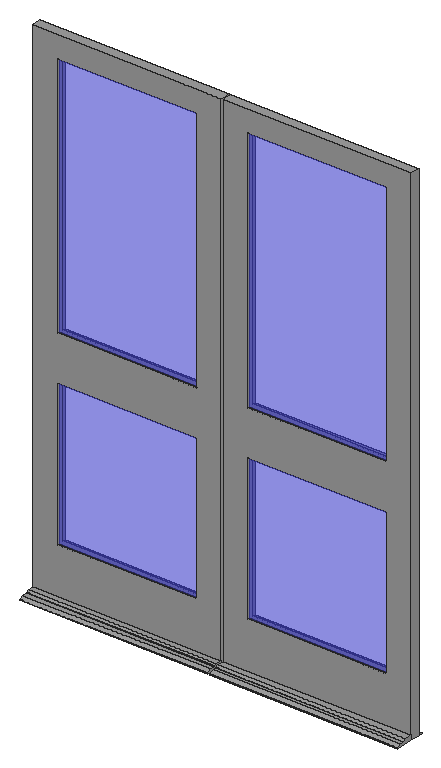
Revit family "MSD-375BM DOOR-Double-1-SF_v02", category Curtain Panels, Revit 2015
Parameters
  Width [instance] = 6' - 2"
  URL = "obe.com\r\nobe.com"
  Rough Width [instance] = 6' - 0"
  Offset [instance] = 0' - 0"
  Model = "MSD-375 DOOR"
  Min Panel Width [instance] = if(Rough Width > 5' 11 255/256", Rough Width, 6' 0")  # 6' - 0"
  Manufacturer = "Oldcastle BuildingEnvelope®"
  Keynote = "08 11 00"
  Hinge [instance] = yes
  Height [instance] = 8' - 0"
  Pushbar Height [instance] = 3' - 5 1/4"  # constant formula
  Glass Material = Glass
  Frame Material = Aluminum
  Door Panel Height [instance] = Height + 0' 0 1/2"  # 8' - 0 1/2"
  Description = "MSD-375 - 1\" Door Infill"
  Assembly Code = "B2030"
  Analytic Construction = "<None>"
  8 Muntin [instance] = not([6.5 Muntin])  # no
  6.5 Muntin [instance] = yes
Reference planes (in)
  plane 1 "Front": y = 0
  plane 2: z = 0
  plane 3 "Center (Left/Right)": x = 0
  plane 4 "Left": x = -37
  plane 5 "Right": x = 37
  plane 6 "Top": z = 96
  plane 7: x = -36
  plane 8: x = 36
Text (in)
  text "Exterior" at (-54.29358, 31.38743, 0), in view "Ref. Level"
  text "Exterior" at (480, 41.53993, 89.60405), in view "Right"
  text "Exterior" at (-240, 57.82419, 105.78864), in view "Left"
Dimensions and locks (in)
  equal spacing: plane 4 "Left", plane 3 "Center (Left/Right)", plane 5 "Right"
  "Width": plane 4 "Left" to plane 5 "Right"
  "Height": plane 6 "Top" to plane 2
  equal spacing: plane 7, plane 3 "Center (Left/Right)", plane 8
  "Min Panel Width": plane 7 to plane 8
  aligned and locked: level to plane 2
  aligned and locked: plane 3 "Center (Left/Right)" to nested 1
  aligned and locked: plane 1 "Front" to nested 1
Nested families (in)
  nested 1: "MSD-375BM DOOR-Double-1-Panel_v02" at (0, -16, 0), Frame Material <- "Frame Material", Glass Material <- "Glass Material", 8 Muntin <- "8 Muntin", Hinge <- "Hinge", 6.5 Muntin <- "6.5 Muntin", Width <- "Min Panel Width", Height <- "Door Panel Height", Offset <- "Offset", type "MSD-375 DOOR-Double-1-Panel"
    with Wing Width 3' - 0", built-in parameter 1001301 6' - 0", Pushbar Height 3' - 5 1/4", Offset 0' - 0", Hinge yes, built-in parameter 1001300 8' - 0 1/2", Glass at Muntin 0' - 6 15/16", Glass Material Glass, Frame Material Aluminum, 8 Muntin no, 6.5 Muntin yes
Definition of nested family "MSD-375BM DOOR-Double-1-Panel_v02"
  Parameters (values of type "MSD-375 DOOR-Double-1-Panel")
    Wing Width [instance] = Width / 2  # 3' - 0"
    Width [instance] = 6' - 0"
    Offset [instance] = 0' - 0"
    Hinge [instance] = yes
    Height [instance] = 8' - 0"
    Glass at Muntin [instance] = if([6.5 Muntin], 0' 6 15/16", 0' 8 7/16")  # 0' - 8 7/16"
    Pushbar Height [instance] = 3' - 5 1/4"  # constant formula
    Glass Material [instance] = none
    Frame Material [instance] = none
    Analytic Construction = "<None>"
    8 Muntin [instance] = not([6.5 Muntin])  # yes
    6.5 Muntin [instance] = no
  Reference planes (in)
    plane 1 "00": y = 15.043
    plane 2: z = 0
    plane 3 "Center (Left/Right)": x = 0
    plane 4: z = 96
    plane 5: x = -36
    plane 6: x = 36
    plane 7 "Center (Front/Back)": y = 16
    plane 8 "Exterior": y = 15.32425
    plane 9: z = 48
    plane 10: z = 8.90625
    plane 11: z = 45.46875
    plane 12: z = 37.03125
    plane 13: z = 92.281
    plane 14: z = 0
    plane 15: x = -31.84095
    plane 16: x = 31.82077
    plane 17 "Offset": y = 16
    plane 18: z = 41.25
  Forms (in)
    Sweep 1, solid, material <- "Frame Material"
      path origin (0, 15.043, 0) x (1, 0, 0) y (0, 0, 1)
        loop
          line (-35.70095, 96) -> (-0.24193, 96)
      profile origin (-17.97144, 15.043, 96) x (0, 0, 1) y (0, -1, 0)
        loop
          line (-4.5, -0.957) -> (-0.5, -0.957) -> (-0.5, 0.793) -> (-4.5, 0.793) -> (-4.5, 0.5) -> (-3.719, 0.5) -> (-3.719, -0.5) -> (-4.5, -0.5) -> (-4.5, -0.957)
    Sweep 2, solid, material <- "Frame Material"
      path origin (0, 15.043, 0) x (1, 0, 0) y (0, 0, 1)
        loop
          line (-0.24193, 0) -> (-35.69218, 0)
      profile origin (-17.96706, 15.043, 0) x (0, 0, -1) y (0, -1, 0)
        loop
          line (-0.5, -0.957) -> (-0.125, -1.707) -> (0, -1.707) -> (0, 3.918) -> (-0.125, 3.918) -> (-0.5, 3.168) -> (-0.5, 2.3005) -> (-0.562, 2.3005) -> (-0.844, 1.8115) -> (-0.844, 0.793) -> (-9.6875, 0.793) -> (-9.6875, 0.5) -> (-8.90625, 0.5) -> (-8.90625, -0.5) -> (-9.6875, -0.5) -> (-9.6875, -0.957) -> (-0.5, -0.957)
    Sweep 3, solid, material <- "Frame Material"
      path origin (0, 15.043, 0) x (1, 0, 0) y (0, 0, 1)
        loop
          line (36, 95.5) -> (36, 0)
      profile origin (36, 15.043, 47.75) x (0, -1, 0) y (1, 0, 0)
        loop
          line (-0.957, -0.21023) -> (-0.957, -4.96023) -> (-0.5, -4.96023) -> (-0.5, -4.17923) -> (0.5, -4.17923) -> (0.5, -4.96023) -> (0.793, -4.96023) -> (0.793, -0.31923) -> (-0.957, -0.21023)
    Sweep 4, solid, material <- "Frame Material"
      path origin (0, 15.043, 0) x (1, 0, 0) y (0, 0, 1)
        loop
          line (-36, 95.5) -> (-36, 0)
      profile origin (-36, 15.043, 47.75) x (0, -1, 0) y (1, 0, 0)
        loop
          line (0.793, 4.94005) -> (0.5, 4.94005) -> (0.5, 4.15905) -> (-0.5, 4.15905) -> (-0.5, 4.94005) -> (-0.957, 4.94005) -> (-0.957, 0.19005) -> (0.793, 0.29905) -> (0.793, 4.94005)
    Sweep 5, solid, material <- "Frame Material"
      path origin (0, 15.043, 0) x (1, 0, 0) y (0, 0, 1)
        loop
          line (-4.81249, 48) -> (-31.05995, 48)
      profile origin (-17.93622, 15.043, 48) x (0, 0, -1) y (0, -1, 0)
        loop
          line (1.75025, -0.5) -> (1.75025, -0.957) -> (11.75025, -0.957) -> (11.75025, -0.5) -> (10.96925, -0.5) -> (10.96925, 0.5) -> (11.75025, 0.5) -> (11.75025, 0.793) -> (1.75025, 0.793) -> (1.75025, 0.5) -> (2.53125, 0.5) -> (2.53125, -0.5) -> (1.75025, -0.5)
    Sweep 6, solid, material <- "Frame Material"
      path origin (0, 15.043, 0) x (1, 0, 0) y (0, 0, 1)
        loop
          line (0, 95.5) -> (0, 0)
      profile origin (0, 15.043, 47.75) x (0, -1, 0) y (1, 0, 0)
        loop
          line (-0.957, -4.81249) -> (-0.5, -4.81249) -> (-0.5, -4.03149) -> (0.5, -4.03149) -> (0.5, -4.81249) -> (0.793, -4.81249) -> (0.793, -0.24193)
          arc (0.793, -0.24193) -> (-0.07989, -0.06254) -> (-0.957, -0.22004) r 2.357
          line (-0.957, -0.22004) -> (-0.957, -4.81249)
        loop
          line (0.793, 4.81251) -> (0.5, 4.81251) -> (0.5, 4.03151) -> (-0.5, 4.03151) -> (-0.5, 4.81251) -> (-0.957, 4.81251) -> (-0.957, 0.22004)
          arc (-0.957, 0.22004) -> (-0.07989, 0.06254) -> (0.793, 0.24193) r 2.357
          line (0.793, 0.24193) -> (0.793, 4.81251)
    Sweep 7, solid, material <- "Frame Material"
      path origin (0, 15.043, 0) x (1, 0, 0) y (0, 0, 1)
        loop
          line (0.22004, 96) -> (35.68077, 96)
      profile origin (17.95041, 15.043, 96) x (0, 0, 1) y (0, -1, 0)
        loop
          line (-4.5, -0.957) -> (-0.5, -0.957) -> (-0.5, 0.793) -> (-4.5, 0.793) -> (-4.5, 0.5) -> (-3.719, 0.5) -> (-3.719, -0.5) -> (-4.5, -0.5) -> (-4.5, -0.957)
    Sweep 8, solid, material <- "Frame Material"
      path origin (0, 15.043, 0) x (1, 0, 0) y (0, 0, 1)
        loop
          line (31.03977, 48) -> (4.81251, 48)
      profile origin (17.92614, 15.043, 48) x (0, 0, -1) y (0, -1, 0)
        loop
          line (1.75025, 0.5) -> (2.53125, 0.5) -> (2.53125, -0.5) -> (1.75025, -0.5) -> (1.75025, -0.957) -> (11.75025, -0.957) -> (11.75025, -0.5) -> (10.96875, -0.5) -> (10.96875, 0.5) -> (11.75025, 0.5) -> (11.75025, 0.793) -> (1.75025, 0.793) -> (1.75025, 0.5)
    Sweep 9, solid, material <- "Frame Material"
      path origin (0, 15.043, 0) x (1, 0, 0) y (0, 0, 1)
        loop
          line (35.672, 0) -> (0.24193, 0)
      profile origin (17.95697, 15.043, 0) x (0, 0, -1) y (0, -1, 0)
        loop
          line (-0.5, -0.957) -> (-0.125, -1.707) -> (0, -1.707) -> (0, 3.918) -> (-0.125, 3.918) -> (-0.5, 3.168) -> (-0.5, 2.51925) -> (-0.562, 2.51925) -> (-0.844, 2.03025) -> (-0.844, 0.793) -> (-9.6875, 0.793) -> (-9.6875, 0.5) -> (-8.90625, 0.5) -> (-8.90625, -0.5) -> (-9.6875, -0.5) -> (-9.6875, -0.957) -> (-0.5, -0.957)
    Extrusion 10, solid, material <- "Glass Material", detail levels coarse
      sketch origin (0, 0, 0) x (1, 0, 0) y (0, 1, 0)
        loop
          line (31.82077, 15.543) -> (4.03151, 15.543) -> (4.03151, 14.543) -> (31.82077, 14.543) -> (31.82077, 15.543)
      from 37.03125 to 8.90625
    Extrusion 11, solid, material <- "Glass Material", detail levels medium+fine
      sketch origin (0, 0, 0) x (1, 0, 0) y (0, 1, 0)
        loop
          line (31.82077, 15.543) -> (4.03151, 15.543) -> (4.03151, 15.343) -> (31.82077, 15.343) -> (31.82077, 15.543)
        loop
          line (4.03151, 14.973) -> (4.03151, 14.773) -> (31.82077, 14.773) -> (31.82077, 14.973) -> (4.03151, 14.973)
        loop
          line (31.82077, 14.743) -> (4.03151, 14.743) -> (4.03151, 14.543) -> (31.82077, 14.543) -> (31.82077, 14.743)
      from 8.90625 to 37.03125
    Extrusion 12, solid, material <- "Glass Material", detail levels medium+fine
      sketch origin (0, 0, 0) x (1, 0, 0) y (0, 1, 0)
        loop
          line (4.03151, 15.543) -> (4.03151, 15.343) -> (31.82077, 15.343) -> (31.82077, 15.543) -> (4.03151, 15.543)
        loop
          line (31.82077, 14.973) -> (4.03151, 14.973) -> (4.03151, 14.773) -> (31.82077, 14.773) -> (31.82077, 14.973)
        loop
          line (4.03151, 14.743) -> (4.03151, 14.543) -> (31.82077, 14.543) -> (31.82077, 14.743) -> (4.03151, 14.743)
      from 45.46875 to 92.281
    Extrusion 13, solid, material <- "Glass Material", detail levels coarse
      sketch origin (0, 0, 0) x (1, 0, 0) y (0, 1, 0)
        loop
          line (4.0315, 15.543) -> (4.0315, 14.543) -> (31.82077, 14.543) -> (31.82077, 15.543) -> (4.0315, 15.543)
      from 45.46875 to 92.281
    Extrusion 14, solid, material <- "Glass Material", detail levels medium+fine
      sketch origin (0, 0, 0) x (1, 0, 0) y (0, 1, 0)
        loop
          line (-4.0315, 15.543) -> (-31.84095, 15.543) -> (-31.84095, 15.343) -> (-4.0315, 15.343) -> (-4.0315, 15.543)
        loop
          line (-31.84095, 14.973) -> (-31.84095, 14.773) -> (-4.0315, 14.773) -> (-4.0315, 14.973) -> (-31.84095, 14.973)
        loop
          line (-4.0315, 14.743) -> (-31.84095, 14.743) -> (-31.84095, 14.543) -> (-4.0315, 14.543) -> (-4.0315, 14.743)
      from 8.90625 to 37.03125
    Extrusion 15, solid, material <- "Glass Material", detail levels coarse
      sketch origin (0, 0, 0) x (1, 0, 0) y (0, 1, 0)
        loop
          line (-4.0315, 15.543) -> (-31.84095, 15.543) -> (-31.84095, 14.543) -> (-4.0315, 14.543) -> (-4.0315, 15.543)
      from 45.46875 to 92.281
    Extrusion 16, solid, material <- "Glass Material", detail levels coarse
      sketch origin (0, 0, 0) x (1, 0, 0) y (0, 1, 0)
        loop
          line (-31.84095, 15.543) -> (-31.84095, 14.543) -> (-4.03149, 14.543) -> (-4.03149, 15.543) -> (-31.84095, 15.543)
      from 8.90625 to 37.03125
    Extrusion 17, solid, material <- "Glass Material", detail levels medium+fine
      sketch origin (0, 0, 0) x (1, 0, 0) y (0, 1, 0)
        loop
          line (-4.03149, 15.543) -> (-31.84095, 15.543) -> (-31.84095, 15.343) -> (-4.03149, 15.343) -> (-4.03149, 15.543)
        loop
          line (-31.84095, 14.973) -> (-31.84095, 14.773) -> (-4.0315, 14.773) -> (-4.0315, 14.973) -> (-31.84095, 14.973)
        loop
          line (-31.84095, 14.743) -> (-31.84095, 14.543) -> (-4.0315, 14.543) -> (-4.0315, 14.743) -> (-31.84095, 14.743)
      from 45.46875 to 92.281
  Cuts and joins
    joined: Sweep 1, Sweep 2, Sweep 3, Sweep 4, Sweep 5, Sweep 6, Sweep 7, Sweep 8, Sweep 9
  Lines and regions (in)
    model lines
      curve 1: line (4.81251, 15.32425, 91.50804) -> (31.03977, 15.32425, 48)
      curve 2: line (31.03977, 15.32425, 48) -> (4.81251, 15.32425, 9.6875)
      curve 3: line (-4.81249, 15.32425, 91.53597) -> (-31.05995, 15.32425, 48)
      curve 4: line (-31.05995, 15.32425, 48) -> (-4.81249, 15.32425, 9.6875)
  Dimensions and locks (in)
    "Height": plane 4 to level
    equal spacing: plane 5, plane 3 "Center (Left/Right)", plane 6
    "Offset": plane 17 "Offset" to plane 7 "Center (Front/Back)"
    equal spacing: level, plane 9, plane 4
    locked: plane 3 "Center (Left/Right)" to Sweep 2 sketch curve at 0.24193
    locked: Sweep 3 sketch curve to plane 4 at 0.5
    locked: Sweep 4 sketch curve to plane 4 at 0.5
    locked: plane 3 "Center (Left/Right)" to Sweep 1 sketch curve at 0.24193
    locked: plane 3 "Center (Left/Right)" to Sweep 5 sketch curve at 4.81249
    locked: Sweep 7 sketch curve to plane 3 "Center (Left/Right)" at 0.22004
    locked: Sweep 8 sketch curve to plane 3 "Center (Left/Right)" at 4.81251
    locked: Sweep 9 sketch curve to plane 3 "Center (Left/Right)" at 0.24193
    locked: Sweep 6 sketch curve to plane 4 at 0.5
    equal spacing: plane 4, plane 9, plane 14
    locked: plane 4 to plane 13 at 3.719
    locked: plane 10 to plane 14 at 8.90625
    locked: plane 5 to plane 15 at 4.15905
    locked: plane 16 to plane 6 at 4.17923
    locked: Sweep 2 sketch curve to plane 5 at 0.30782
    locked: plane 6 to Sweep 9 sketch curve at 0.328
    "Width": plane 5 to plane 6
    plane 1 "00" to plane 8 "Exterior" to plane 17 "Offset" = 0' - 0 9/32" locked, 0' - 0.67575" locked
    locked: plane 12 to Sweep 8 sketch curve at 0.7815  (x2)
    locked: Sweep 8 sketch curve to plane 11 at 0.781
    locked: plane 11 to Sweep 8 sketch curve at 0.781
    locked: plane 12 to Sweep 5 sketch curve at 0.7815  (x2)
    locked: Sweep 5 sketch curve to plane 11 at 0.781  (x2)
    locked: plane 6 to Sweep 7 sketch curve at 0.31923
    locked: Sweep 1 sketch curve to plane 5 at 0.29905
    locked: Sweep 5 sketch curve to plane 5 at 4.94005
    locked: plane 6 to Sweep 8 sketch curve at 4.96023
    Extrusion 15 sketch curve to Extrusion 15 sketch curve to plane 17 "Offset" = 0' - 1" locked, 0' - 0.457" locked
    plane 17 "Offset" to Extrusion 17 sketch curve to Extrusion 17 sketch curve to Extrusion 17 sketch curve to Extrusion 17 sketch curve to Extrusion 17 sketch curve to Extrusion 17 sketch curve = 0' - 0.457" locked, 0' - 0.2" locked, 0' - 0.37" locked, 0' - 0.2" locked, 0' - 0.03" locked, 0' - 0.2" locked
    plane 17 "Offset" to Extrusion 13 sketch curve to Extrusion 13 sketch curve = 0' - 0.457" locked, 0' - 1" locked
    plane 17 "Offset" to Extrusion 12 sketch curve to Extrusion 12 sketch curve to Extrusion 12 sketch curve to Extrusion 12 sketch curve to Extrusion 12 sketch curve to Extrusion 12 sketch curve = 0' - 0.457" locked, 0' - 0.2" locked, 0' - 0.37" locked, 0' - 0.2" locked, 0' - 0.03" locked, 0' - 0.2" locked
    Extrusion 10 sketch curve to Extrusion 10 sketch curve to plane 17 "Offset" = 0' - 1" locked, 0' - 0.457" locked
    Extrusion 11 sketch curve to Extrusion 11 sketch curve to Extrusion 11 sketch curve to Extrusion 11 sketch curve to Extrusion 11 sketch curve to Extrusion 11 sketch curve to plane 17 "Offset" = 0' - 0.2" locked, 0' - 0.03" locked, 0' - 0.2" locked, 0' - 0.37" locked, 0' - 0.2" locked, 0' - 0.457" locked
    plane 17 "Offset" to Extrusion 16 sketch curve to Extrusion 16 sketch curve = 0' - 0.457" locked, 0' - 1" locked
    Extrusion 14 sketch curve to Extrusion 14 sketch curve to Extrusion 14 sketch curve to Extrusion 14 sketch curve to Extrusion 14 sketch curve to Extrusion 14 sketch curve to plane 17 "Offset" = 0' - 0.2" locked, 0' - 0.03" locked, 0' - 0.2" locked, 0' - 0.37" locked, 0' - 0.2" locked, 0' - 0.457" locked
    "Glass at Muntin": plane 11 to plane 12
    equal spacing: plane 12, plane 18, plane 11
    "Pushbar Height": level to plane 18
    aligned and locked: plane 2 to level
    aligned and locked: plane 1 "00" to nested 1
    aligned and locked: plane 3 "Center (Left/Right)" to nested 1
    aligned and locked: Sweep 1 sketch curve to plane 4
    aligned and locked: Sweep 2 sketch curve to level
    aligned and locked: level to nested 2
    aligned and locked: nested 2 to plane 1 "00"
    aligned and locked: level to Sweep 3 sketch curve
    aligned and locked: level to Sweep 4 sketch curve
    aligned and locked: Sweep 5 sketch curve to plane 9
    aligned and locked: plane 3 "Center (Left/Right)" to Sweep 6 sketch curve
    aligned and locked: level to Sweep 6 sketch curve
    aligned and locked: Sweep 9 sketch curve to level
    aligned and locked: Sweep 8 sketch curve to plane 9
    aligned and locked: plane 4 to Sweep 7 sketch curve
    aligned and locked: Extrusion 14 to plane 10
    aligned and locked: plane 12 to Extrusion 14
    aligned and locked: Extrusion 15 to plane 11
    aligned and locked: plane 13 to Extrusion 15
    aligned and locked: Extrusion 17 to plane 11
    aligned and locked: plane 13 to Extrusion 17
    aligned and locked: Extrusion 16 to plane 10
    aligned and locked: plane 12 to Extrusion 16
    aligned and locked: Extrusion 12 to plane 11
    aligned and locked: plane 13 to Extrusion 12
    aligned and locked: plane 13 to Extrusion 13
    aligned and locked: Extrusion 13 to plane 11
    aligned and locked: plane 12 to Extrusion 10
    aligned and locked: plane 12 to Extrusion 11
    aligned and locked: Extrusion 11 to plane 10
    aligned and locked: Extrusion 10 to plane 10
    aligned and locked: Sweep 3 sketch curve to plane 6
    aligned and locked: Sweep 4 sketch curve to plane 5
    aligned and locked: Extrusion 16 to plane 15
    aligned and locked: Extrusion 17 to plane 15  (x2)
    aligned and locked: plane 16 to Extrusion 12  (x3)
    aligned and locked: Extrusion 14 to plane 15  (x2)
    aligned and locked: plane 9 to curve 1
    aligned and locked: plane 9 to curve 4
  Automatic sketch dimensions
    profile plane to Sweep 3 sketch curve = 0' - 0.21023"
    Sweep 3 sketch curve to plane 1 "00" = 0' - 0.957"
    Sweep 3 sketch curve to plane 1 "00" = 0' - 0 1/2"
    plane 1 "00" to Sweep 3 sketch curve = 0' - 0 1/2"
    profile plane to Sweep 3 sketch curve = 0' - 0.31923"
    plane 1 "00" to Sweep 3 sketch curve = 0' - 0.793"
    Sweep 3 sketch curve to Sweep 3 sketch curve = 0' - 3.86"
    Sweep 3 sketch curve to Sweep 3 sketch curve = 0' - 0.781"  (x2)
    Sweep 6 sketch curve to plane 1 "00" = 0' - 0.957"  (x2)
    Sweep 6 sketch curve to plane 1 "00" = 0' - 0 1/2"
    Sweep 6 sketch curve to Sweep 6 sketch curve = 0' - 0.457"
    Sweep 6 sketch curve to plane 1 "00" = 0' - 0 7/64"  (x2)
    plane 1 "00" to Sweep 6 sketch curve = 0' - 0 1/2"  (x2)
    Sweep 6 sketch curve to profile plane = 0' - 0.24193"
    plane 1 "00" to Sweep 6 sketch curve = 0' - 0.793"
    Sweep 6 sketch curve to Sweep 6 sketch curve = 0' - 0.293"
    Sweep 6 sketch curve to profile plane = 0' - 0.22004"
    profile plane to Sweep 6 sketch curve = 0' - 0.22004"
    profile plane to Sweep 6 sketch curve = 0' - 0.24193"
    Sweep 6 sketch curve to Sweep 6 sketch curve = 0' - 1.61214"
    Sweep 6 sketch curve to Sweep 6 sketch curve = 0' - 0.781"  (x4)
    Sweep 6 sketch curve to Sweep 6 sketch curve = 0' - 1.61216"
    Sweep 4 sketch curve to plane 1 "00" = 0' - 0.957"
    Sweep 4 sketch curve to Sweep 4 sketch curve = 0' - 0.457"
    plane 1 "00" to Sweep 4 sketch curve = 0' - 0 1/2"
    Sweep 4 sketch curve to Sweep 4 sketch curve = 0' - 0.293"
    Sweep 4 sketch curve to Sweep 4 sketch curve = 0' - 0.781"  (x2)
    Sweep 4 sketch curve to profile plane = 0' - 0.19005"
    Sweep 4 sketch curve to profile plane = 0' - 0.29905"
    Sweep 4 sketch curve to Sweep 4 sketch curve = 0' - 3.969"
    Sweep 1 sketch curve to plane 1 "00" = 0' - 0.957"
    profile plane to Sweep 1 sketch curve = 0' - 4 1/2"
    Sweep 1 sketch curve to Sweep 1 sketch curve = 0' - 0.457"
    plane 1 "00" to Sweep 1 sketch curve = 0' - 0 1/2"
    Sweep 1 sketch curve to Sweep 1 sketch curve = 0' - 0.781"
    Sweep 1 sketch curve to Sweep 1 sketch curve = 0' - 0.293"
    profile plane to Sweep 1 sketch curve = 0' - 0 1/2"
    Sweep 1 sketch curve to Sweep 1 sketch curve = 0' - 0"
    Sweep 2 sketch curve to profile plane = 0' - 0"
    profile plane to Sweep 2 sketch curve = 0' - 0 1/8"  (x2)
    profile plane to Sweep 2 sketch curve = 0' - 0 1/2"  (x2)
    Sweep 2 sketch curve to Sweep 2 sketch curve = 0' - 0.062"
    Sweep 2 sketch curve to Sweep 2 sketch curve = 0' - 0.282"
    plane 1 "00" to Sweep 2 sketch curve = 0' - 0 1/2"
    Sweep 2 sketch curve to Sweep 2 sketch curve = 0' - 8.06225"
    Sweep 2 sketch curve to Sweep 2 sketch curve = 0' - 0 25/32"  (x2)
    Sweep 2 sketch curve to plane 1 "00" = 0' - 0 1/2"
    Sweep 2 sketch curve to plane 1 "00" = 0' - 0.957"
    Sweep 2 sketch curve to Sweep 2 sketch curve = 0' - 0 3/4"  (x2)
    Sweep 2 sketch curve to Sweep 2 sketch curve = 0' - 0.293"
    Sweep 2 sketch curve to Sweep 2 sketch curve = 0' - 1.0185"
    Sweep 2 sketch curve to Sweep 2 sketch curve = 0' - 0.489"
    Sweep 2 sketch curve to Sweep 2 sketch curve = 0' - 0.8675"
    Sweep 7 sketch curve to plane 1 "00" = 0' - 0.957"
    profile plane to Sweep 7 sketch curve = 0' - 4 1/2"
    Sweep 7 sketch curve to Sweep 7 sketch curve = 0' - 0"
    Sweep 7 sketch curve to Sweep 7 sketch curve = 0' - 0.781"
    profile plane to Sweep 7 sketch curve = 0' - 0 1/2"
    Sweep 7 sketch curve to Sweep 7 sketch curve = 0' - 0.457"
    plane 1 "00" to Sweep 7 sketch curve = 0' - 0 1/2"
    Sweep 7 sketch curve to Sweep 7 sketch curve = 0' - 0.293"
    Sweep 8 sketch curve to Sweep 8 sketch curve = 0' - 0.781"
    Sweep 8 sketch curve to Sweep 8 sketch curve = 0' - 0.7815"
    Sweep 8 sketch curve to plane 1 "00" = 0' - 0.957"
    Sweep 8 sketch curve to plane 1 "00" = 0' - 0 1/2"  (x2)
    plane 1 "00" to Sweep 8 sketch curve = 0' - 0 1/2"  (x2)
    Sweep 8 sketch curve to Sweep 8 sketch curve = 0' - 0.293"
    plane 1 "00" to Sweep 9 sketch curve = 0' - 0 1/2"
    Sweep 9 sketch curve to Sweep 9 sketch curve = 0' - 8.06225"
    Sweep 9 sketch curve to Sweep 9 sketch curve = 0' - 0 25/32"  (x2)
    Sweep 9 sketch curve to plane 1 "00" = 0' - 0 1/2"
    Sweep 9 sketch curve to Sweep 9 sketch curve = 0' - 0.293"
    profile plane to Sweep 9 sketch curve = 0' - 0.844"
    Sweep 9 sketch curve to Sweep 9 sketch curve = 0' - 1.23725"
    profile plane to Sweep 9 sketch curve = 0' - 0 1/2"  (x2)
    Sweep 9 sketch curve to plane 1 "00" = 0' - 0.957"
    profile plane to Sweep 9 sketch curve = 0' - 0 1/8"  (x2)
    Sweep 9 sketch curve to Sweep 9 sketch curve = 0' - 0 3/4"  (x2)
    Sweep 9 sketch curve to Sweep 9 sketch curve = 0' - 0.489"
    Sweep 9 sketch curve to Sweep 9 sketch curve = 0' - 0.062"
    Sweep 9 sketch curve to Sweep 9 sketch curve = 0' - 0.64875"
    Sweep 9 sketch curve to profile plane = 0' - 0"
    Extrusion 15 sketch curve to plane 15 = 0' - 0"
    Extrusion 15 sketch curve to plane 3 "Center (Left/Right)" = 0' - 4.0315"
    Extrusion 13 sketch curve to plane 16 = 0' - 0"
    plane 3 "Center (Left/Right)" to Extrusion 13 sketch curve = 0' - 4.0315"
    Extrusion 12 sketch curve to plane 16 = 0' - 0"  (x3)
    plane 3 "Center (Left/Right)" to Extrusion 12 sketch curve = 0' - 4.03151"
    Extrusion 12 sketch curve to Extrusion 12 sketch curve = 0' - 0"  (x2)
    Extrusion 11 sketch curve to plane 16 = 0' - 0"  (x3)
    plane 3 "Center (Left/Right)" to Extrusion 11 sketch curve = 0' - 4.03151"
    Extrusion 11 sketch curve to Extrusion 11 sketch curve = 0' - 0"  (x2)
    Extrusion 10 sketch curve to plane 16 = 0' - 0"
    plane 3 "Center (Left/Right)" to Extrusion 10 sketch curve = 0' - 4.03151"
    Extrusion 16 sketch curve to plane 15 = 0' - 0"
    Extrusion 16 sketch curve to plane 3 "Center (Left/Right)" = 0' - 4.03149"
    Extrusion 14 sketch curve to plane 15 = 0' - 0"  (x3)
    Extrusion 14 sketch curve to plane 3 "Center (Left/Right)" = 0' - 4.0315"
    Extrusion 14 sketch curve to Extrusion 14 sketch curve = 0' - 0"  (x2)
    Sweep 5 sketch curve to Sweep 5 sketch curve = 0' - 0.781"  (x2)
    Sweep 5 sketch curve to plane 1 "00" = 0' - 0.957"
    Sweep 5 sketch curve to Sweep 5 sketch curve = 0' - 0.457"  (x2)
    plane 1 "00" to Sweep 5 sketch curve = 0' - 0 1/2"  (x2)
    Sweep 5 sketch curve to Sweep 5 sketch curve = 0' - 0.293"
    plane 16 to curve 2 = 0' - 0.781"
    curve 1 to plane 13 = 0' - 0.77296"
    plane 3 "Center (Left/Right)" to curve 1 = 0' - 4 13/16"
    plane 10 to curve 2 = 0' - 0 25/32"
    plane 3 "Center (Left/Right)" to curve 2 = 0' - 4 13/16"
    plane 10 to curve 4 = 0' - 0 25/32"
    curve 4 to plane 3 "Center (Left/Right)" = 0' - 4 13/16"
    curve 3 to plane 13 = 0' - 0.74503"
    curve 3 to plane 3 "Center (Left/Right)" = 0' - 4 13/16"
    plane 15 to curve 3 = 0' - 0.781"
    Extrusion 17 sketch curve to plane 15 = 0' - 0"  (x3)
    Extrusion 17 sketch curve to plane 3 "Center (Left/Right)" = 0' - 4.0315"
    Extrusion 17 sketch curve to Extrusion 17 sketch curve = 0' - 0"  (x2)
  Nested families (in)
    nested 1: "MSD-375 DOOR-Double-1-Plan View" at (0, 15.043, 0), Hinge <- "Hinge", Wing Width <- "Wing Width", Width <- "Width", type "MSD-375 DOOR-Double-1-Plan View"
      with Wing Width 3' - 0", Width 6' - 0", Hinge yes
    nested 2: "MSD-375BM DOOR-Double-1-Section_v02" at (0, 15.043, 0) x (0, -1, 0) z (1, 0, 0), Height <- "Height", 8 Muntin <- "8 Muntin", 6.5 Muntin <- "6.5 Muntin", type "MSD-375BM DOOR-Double-1-Section_v02"
      with Pushbar Height 3' - 5 1/4", Height 8' - 0", Glass at Muntins 0' - 8 7/16", 8 Muntin yes, 6.5 Muntin no
  Definition of nested family "MSD-375 DOOR-Double-1-Plan View"
    Parameters (values of type "MSD-375 DOOR-Double-1-Plan View")
      Wing Width [instance] = Width / 2  # 3' - 0"
      Width [instance] = 6' - 0"
      Hinge [instance] = yes
    Reference planes (in)
      plane 1 "Center (Front/Back)": y = 0
      plane 2: z = 0
      plane 3 "Center (Left/Right)": x = 0
      plane 4: x = -36
      plane 5: x = 36
      plane 6: x = -34.52398
      plane 7: x = 34.53125
      plane 8: y = 36
      plane 9: y = 31.96849
      plane 10: y = 5.46632
      plane 11: x = -4.03149
      plane 12: x = -31.84095
      plane 13: x = 4.03151
      plane 14: x = 31.82077
    Lines and regions (in)
      detail lines, in view "Ref. Level"
        curve 1: arc (0.00438, 0, 0) -> (-10.02445, 24.93163, 0) -> (-34.52398, 35.97411, 0) r 36.00438
        curve 2: arc (0.00438, 0, 0) -> (10.03316, 24.92806, 0) -> (34.53125, 35.96565, 0) r 35.99562
    Dimensions and locks (in)
      equal spacing: plane 4, plane 3 "Center (Left/Right)", plane 5
      "Width": plane 4 to plane 5
      "Wing Width": plane 1 "Center (Front/Back)" to plane 8
      locked: plane 9 to plane 8 at 4.03151
      plane 11 to plane 3 "Center (Left/Right)" to plane 13 = 0' - 4.03149" locked, 0' - 4.03151" locked
      plane 14 to plane 7 to plane 5 to nested 11 to nested 2 = 0' - 2.71048" locked, 0' - 1 15/32" locked, 0' - 2 1/4" locked, 0' - 0.22677" locked
      nested 1 to plane 1 "Center (Front/Back)" to nested 11 to plane 10 = 0' - 1.18968" locked, 0' - 0.0482" locked, 0' - 5.41812" locked
      nested 12 to plane 1 "Center (Front/Back)" to nested 13 = 0' - 1.18968" locked, 0' - 0.0482" locked
      nested 3 to nested 13 to plane 4 to plane 6 to plane 12 = 0' - 0.24695" locked, 0' - 2 1/4" locked, 0' - 1.47602" locked, 0' - 2.68302" locked
      aligned and locked: nested 2 to plane 1 "Center (Front/Back)"
      aligned and locked: plane 1 "Center (Front/Back)" to nested 3
      aligned and locked: nested 1 to plane 7
      aligned and locked: nested 6 to plane 7
      aligned and locked: nested 6 to plane 8
      aligned and locked: nested 5 to plane 1 "Center (Front/Back)"
      aligned and locked: nested 4 to plane 1 "Center (Front/Back)"
      aligned and locked: nested 5 to plane 3 "Center (Left/Right)"
      aligned and locked: nested 4 to plane 3 "Center (Left/Right)"
      aligned and locked: plane 1 "Center (Front/Back)" to nested 7
      aligned and locked: nested 7 to plane 13
      aligned and locked: plane 14 to nested 7
      aligned and locked: plane 1 "Center (Front/Back)" to nested 10
      aligned and locked: plane 12 to nested 10
      aligned and locked: nested 10 to plane 11
      aligned and locked: nested 8 to plane 10
      aligned and locked: plane 6 to nested 8
      aligned and locked: plane 9 to nested 8
      aligned and locked: plane 9 to nested 9
      aligned and locked: nested 9 to plane 10
      aligned and locked: nested 9 to plane 7
      aligned and locked: nested 12 to plane 6
      aligned and locked: nested 14 to plane 6
      aligned and locked: plane 8 to nested 14
    Automatic sketch dimensions
      plane 1 "Center (Front/Back)" to curve 1 = 0' - 0"
      curve 1 to plane 4 = 0' - 0"
      curve 1 to plane 6 = 0' - 0"
      curve 2 to plane 7 = 0' - 0"
      curve 2 to plane 5 = 0' - 0"
      plane 3 "Center (Left/Right)" to curve 2 = 0' - 0.00438"
      curve 1 to curve 2 = 0' - 0"
    Nested families (in)
      nested 1: "HINGE STILE-DI" at (34.53125, -1.18968, 0) x (0, 1, 0) z (0, 0, 1), type "HINGE STILE-DI", in view "Ref. Level"
      nested 2: "HINGE STILE-DI" at (38.47677, 0, 0) x (-1, 0, 0) z (0, 0, 1), type "HINGE STILE-DI", in view "Ref. Level", not visible
      nested 3: "HINGE STILE-DI" at (-38.49695, 0, 0), type "HINGE STILE-DI", in view "Ref. Level", not visible
      nested 4: "MEETING STILE-L-DI" at (0, 0, 0) x (-1, 0, 0) z (0, 0, 1), type "MEETING STILE-L-DI", in view "Ref. Level", not visible
      nested 5: "MEETING STILE-R-DI" at (0, 0, 0) x (-1, 0, 0) z (0, 0, 1), type "MEETING STILE-R-DI", in view "Ref. Level", not visible
      nested 6: "MEETING STILE-R-DI" at (34.53125, 36, 0) x (0, 1, 0) z (0, 0, 1), type "MEETING STILE-R-DI", in view "Ref. Level"
      nested 7: "Glass-DI" at (4.03151, 0, 0), type "Glass-DI", in view "Ref. Level", not visible
        with Glass Width 2' - 3.78927"
      nested 8: "Glass-DI" at (-34.52398, 31.96849, 0) x (0, -1, 0) z (0, 0, 1), type "Glass-DI", in view "Ref. Level"
        with Glass Width 2' - 2.50217"
      nested 9: "Glass-DI" at (34.53125, 5.46632, 0) x (0, 1, 0) z (0, 0, 1), type "Glass-DI", in view "Ref. Level"
        with Glass Width 2' - 2.50217"
      nested 10: "Glass-DI" at (-31.84095, 0, 0), type "Glass-DI", in view "Ref. Level", not visible
        with Glass Width 2' - 3.80946"
      nested 11: "HINGE-DI" at (38.25, 0.0482, 0) x (-1, 0, 0) z (0, 0, 1), visible <- "Hinge", type "HINGE-DI", in view "Ref. Level"
      nested 12: "HINGE STILE-DI" at (-34.52398, -1.18968, 0) x (0, 1, 0) z (0, 0, 1), type "HINGE STILE-DI", in view "Ref. Level"
      nested 13: "HINGE-DI" at (-38.25, 0.0482, 0), visible <- "Hinge", type "HINGE-DI", in view "Ref. Level"
      nested 14: "MEETING STILE-R-DI" at (-34.52398, 36, 0) x (0, 1, 0) z (0, 0, 1), type "MEETING STILE-R-DI", in view "Ref. Level"
    Definition of nested family "HINGE STILE-DI"
      Reference planes (in)
        plane 1 "Center (Front/Back)": y = 0
        plane 2: z = 0
        plane 3 "Center (Left/Right)": x = 0
      Lines and regions (in)
        detail lines, in view "Ref. Level"
          curve 1: line (7.437, 0.793, 0) -> (2.91346, 0.793, 0)
          curve 2: arc (2.91346, 0.793, 0) -> (2.82786, 0.75909, 0) -> (2.7887, 0.67577, 0) r 0.125
          curve 3: line (2.7887, 0.67577, 0) -> (2.687, -0.957, 0)
          curve 4: line (2.687, -0.957, 0) -> (7.437, -0.957, 0)
          curve 5: line (7.437, -0.957, 0) -> (7.437, -0.5, 0)
          curve 6: line (7.437, -0.5, 0) -> (6.656, -0.5, 0)
          curve 7: line (6.656, -0.5, 0) -> (6.656, 0.5, 0)
          curve 8: line (6.656, 0.5, 0) -> (7.437, 0.5, 0)
          curve 9: line (7.437, 0.5, 0) -> (7.437, 0.793, 0)
    Definition of nested family "MEETING STILE-L-DI"
      Reference planes (in)
        plane 1 "Center (Front/Back)": y = 0
        plane 2: z = 0
        plane 3 "Center (Left/Right)": x = 0
      Lines and regions (in)
        detail lines, in view "Ref. Level"
          curve 1: line (0.22004, -0.957, 0) -> (4.8125, -0.957, 0)
          curve 2: line (4.8125, -0.957, 0) -> (4.8125, -0.5, 0)
          curve 3: line (4.8125, -0.5, 0) -> (4.0315, -0.5, 0)
          curve 4: line (4.0315, -0.5, 0) -> (4.0315, 0.5, 0)
          curve 5: line (4.0315, 0.5, 0) -> (4.8125, 0.5, 0)
          curve 6: line (4.8125, 0.5, 0) -> (4.8125, 0.793, 0)
          curve 7: line (4.8125, 0.793, 0) -> (0.22004, 0.793, 0)
          curve 8: arc (0.22004, 0.793, 0) -> (0.06251, -0.082, 0) -> (0.22004, -0.957, 0) r 2.50889
    Definition of nested family "MEETING STILE-R-DI"
      Reference planes (in)
        plane 1 "Center (Front/Back)": y = 0
        plane 2: z = 0
        plane 3 "Center (Left/Right)": x = 0
      Lines and regions (in)
        detail lines, in view "Ref. Level"
          curve 1: line (-0.22063, 0.793, 0) -> (-4.8125, 0.793, 0)
          curve 2: line (-4.8125, 0.793, 0) -> (-4.8125, 0.5, 0)
          curve 3: line (-4.8125, 0.5, 0) -> (-4.0315, 0.5, 0)
          curve 4: line (-4.0315, 0.5, 0) -> (-4.0315, -0.5, 0)
          curve 5: line (-4.0315, -0.5, 0) -> (-4.8125, -0.5, 0)
          curve 6: line (-4.8125, -0.5, 0) -> (-4.8125, -0.957, 0)
          curve 7: line (-4.8125, -0.957, 0) -> (-0.22063, -0.957, 0)
          curve 8: arc (-0.22063, -0.957, 0) -> (-0.0625, -0.082, 0) -> (-0.22063, 0.793, 0) r 2.5
    Definition of nested family "Glass-DI"
      Parameters (values of type "Glass-DI")
        Glass Width [instance] = 1' - 1.156"
      Reference planes (in)
        plane 1 "Center (Front/Back)": y = 0
        plane 2: z = 0
        plane 3 "Center (Left/Right)": x = 0
        plane 4: x = 13.156
      Lines and regions (in)
        detail lines, in view "Ref. Level"
          curve 1: line (0, -0.5, 0) -> (13.156, -0.5, 0)
          curve 14: line (0, 0.5, 0) -> (13.156, 0.5, 0)
        detail lines, in view "Ref. Level", detail levels fine
          curve 2: line (0, -0.45, 0) -> (13.156, -0.45, 0)
          curve 3: line (0, -0.4, 0) -> (13.156, -0.4, 0)
          curve 4: line (0, -0.35, 0) -> (13.156, -0.35, 0)
          curve 7: line (0, 0.12, 0) -> (13.156, 0.12, 0)
          curve 8: line (0, 0.17, 0) -> (13.156, 0.17, 0)
          curve 9: line (0, 0.22, 0) -> (13.156, 0.22, 0)
          curve 11: line (0, 0.35, 0) -> (13.156, 0.35, 0)
          curve 12: line (0, 0.4, 0) -> (13.156, 0.4, 0)
          curve 13: line (0, 0.45, 0) -> (13.156, 0.45, 0)
        detail lines, in view "Ref. Level", detail levels medium+fine
          curve 5: line (0, -0.3, 0) -> (13.156, -0.3, 0)
          curve 6: line (0, 0.07, 0) -> (13.156, 0.07, 0)
          curve 10: line (0, 0.27, 0) -> (13.156, 0.27, 0)
          curve 15: line (0, 0.3, 0) -> (13.156, 0.3, 0)
      Dimensions and locks (in)
        "Glass Width": plane 3 "Center (Left/Right)" to plane 4
        aligned and locked: plane 4 to curve 1
        aligned and locked: plane 4 to curve 2
        aligned and locked: plane 4 to curve 3
        aligned and locked: plane 4 to curve 4
        aligned and locked: plane 4 to curve 5
        aligned and locked: plane 4 to curve 6
        aligned and locked: plane 4 to curve 7
        aligned and locked: plane 4 to curve 8
        aligned and locked: plane 4 to curve 9
        aligned and locked: plane 4 to curve 10
        aligned and locked: plane 4 to curve 15
        aligned and locked: plane 4 to curve 11
        aligned and locked: plane 4 to curve 12
        aligned and locked: plane 4 to curve 13
        aligned and locked: plane 4 to curve 14
        aligned and locked: plane 3 "Center (Left/Right)" to curve 2
        aligned and locked: plane 3 "Center (Left/Right)" to curve 1
        aligned and locked: plane 3 "Center (Left/Right)" to curve 5
        aligned and locked: plane 3 "Center (Left/Right)" to curve 4
        aligned and locked: plane 3 "Center (Left/Right)" to curve 3
        aligned and locked: plane 3 "Center (Left/Right)" to curve 7
        aligned and locked: plane 3 "Center (Left/Right)" to curve 6
        aligned and locked: plane 3 "Center (Left/Right)" to curve 8
        aligned and locked: plane 3 "Center (Left/Right)" to curve 10
        aligned and locked: plane 3 "Center (Left/Right)" to curve 9
        aligned and locked: plane 3 "Center (Left/Right)" to curve 15
        aligned and locked: plane 3 "Center (Left/Right)" to curve 13
        aligned and locked: plane 3 "Center (Left/Right)" to curve 12
        aligned and locked: plane 3 "Center (Left/Right)" to curve 11
        aligned and locked: plane 3 "Center (Left/Right)" to curve 14
      Automatic sketch dimensions
        plane 1 "Center (Front/Back)" to curve 1 = 0' - 0 1/2"
        curve 15 to plane 1 "Center (Front/Back)" = 0' - 0.3"
        curve 1 to curve 2 = 0' - 0.05"
        curve 2 to curve 3 = 0' - 0.05"
        curve 3 to curve 4 = 0' - 0.05"
        curve 4 to curve 5 = 0' - 0.05"
        curve 6 to plane 1 "Center (Front/Back)" = 0' - 0.07"
        curve 6 to curve 7 = 0' - 0.05"
        curve 7 to curve 8 = 0' - 0.05"
        curve 8 to curve 9 = 0' - 0.05"
        curve 10 to curve 15 = 0' - 0.03"
        curve 15 to curve 11 = 0' - 0.05"
        curve 11 to curve 12 = 0' - 0.05"
        curve 12 to curve 13 = 0' - 0.05"
        curve 13 to curve 14 = 0' - 0.05"
    Definition of nested family "HINGE-DI"
      Reference planes (in)
        plane 1 "Center (Front/Back)": y = 0
        plane 2: z = 0
        plane 3 "Center (Left/Right)": x = 0
  Definition of nested family "MSD-375BM DOOR-Double-1-Section_v02"
    Parameters (values of type "MSD-375BM DOOR-Double-1-Section_v02")
      Height [instance] = 8' - 0"
      Glass at Muntins [instance] = if([6.5 Muntin], 0' 6 15/16", 0' 8 7/16")  # 0' - 8 7/16"
      Pushbar Height [instance] = 3' - 5 1/4"  # constant formula
      8 Muntin [instance] = not([6.5 Muntin])  # yes
      6.5 Muntin [instance] = no
    Reference planes (in)
      plane 1 "Center (Front/Back)": y = 0
      plane 2: z = 0
      plane 3 "Center (Left/Right)": x = 0
      plane 4: y = 8.9065
      plane 5: y = 92.281
      plane 6: y = 96
      plane 7: y = 45.46875
      plane 8: y = 37.03125
      plane 9: y = 45.5
      plane 10: y = 41.25
      plane 11: y = 46.25
    Dimensions and locks (in)
      locked: plane 4 to plane 1 "Center (Front/Back)" at 8.9065
      "Height": plane 6 to plane 1 "Center (Front/Back)"
      nested 1 to plane 6 to plane 5 = 0' - 3 1/4" locked, 0' - 3.719" locked
      equal spacing: plane 8, plane 10, plane 7
      "Glass at Muntins": plane 8 to plane 7
      "Pushbar Height": plane 1 "Center (Front/Back)" to plane 10
      plane 10 to plane 9 to plane 11 = 0' - 4 1/4" locked, 0' - 0 3/4" locked
      aligned and locked: plane 3 "Center (Left/Right)" to nested 1
      aligned and locked: plane 3 "Center (Left/Right)" to nested 2
      aligned and locked: plane 9 to nested 3
      aligned and locked: plane 3 "Center (Left/Right)" to nested 3
      aligned and locked: plane 4 to nested 5
      aligned and locked: plane 8 to nested 5
      aligned and locked: nested 5 to plane 3 "Center (Left/Right)"
      aligned and locked: nested 6 to plane 5
      aligned and locked: nested 6 to plane 3 "Center (Left/Right)"
      aligned and locked: plane 1 "Center (Front/Back)" to nested 2
      aligned and locked: nested 6 to plane 7
      aligned and locked: plane 11 to nested 4
      aligned and locked: plane 3 "Center (Left/Right)" to nested 4
    Nested families (in)
      nested 1: "TOP RAIL-DI" at (0, 99.25, 0), type "TOP RAIL-DI", in view "Ref. Level"
      nested 2: "BOTTOM RAIL-DI" at (0, 9.6875, 0), type "BOTTOM RAIL-DI", in view "Ref. Level"
      nested 3: "6.5 MUNTIN-DI" at (0, 45.5, 0), visible <- "6.5 Muntin", type "6.5 MUNTIN-DI", in view "Ref. Level"
      nested 4: "8 MUNTIN-DI" at (0, 46.25, 0), visible <- "8 Muntin", type "8 MUNTIN-DI", in view "Ref. Level"
      nested 5: "Glass-DI" at (0, 37.03125, 0) x (0, -1, 0) z (0, 0, 1), type "Glass-DI", in view "Ref. Level"
        with Glass Width 2' - 4.12475"
      nested 6: "Glass-DI" at (0, 92.281, 0) x (0, -1, 0) z (0, 0, 1), type "Glass-DI", in view "Ref. Level"
        with Glass Width 3' - 10.81225"
    Definition of nested family "TOP RAIL-DI"
      Reference planes (in)
        plane 1 "Center (Front/Back)": y = 0
        plane 2: z = 0
        plane 3 "Center (Left/Right)": x = 0
      Lines and regions (in)
        detail lines, in view "Ref. Level"
          curve 1: line (-0.957, -7.75, 0) -> (-0.957, -3.75, 0)
          curve 2: line (-0.957, -3.75, 0) -> (0.793, -3.75, 0)
          curve 3: line (0.793, -3.75, 0) -> (0.793, -7.75, 0)
          curve 4: line (0.793, -7.75, 0) -> (0.5, -7.75, 0)
          curve 5: line (0.5, -7.75, 0) -> (0.5, -6.969, 0)
          curve 6: line (0.5, -6.969, 0) -> (-0.5, -6.969, 0)
          curve 7: line (-0.5, -6.969, 0) -> (-0.5, -7.75, 0)
          curve 8: line (-0.5, -7.75, 0) -> (-0.957, -7.75, 0)
    Definition of nested family "BOTTOM RAIL-DI"
      Reference planes (in)
        plane 1 "Center (Front/Back)": y = 0
        plane 2: z = 0
        plane 3 "Center (Left/Right)": x = 0
      Lines and regions (in)
        detail lines, in view "Ref. Level"
          curve 1: line (-0.957, -9.1875, 0) -> (-0.957, 0, 0)
          curve 2: line (-0.957, 0, 0) -> (-0.5, 0, 0)
          curve 3: line (-0.5, 0, 0) -> (-0.5, -0.781, 0)
          curve 4: line (-0.5, -0.781, 0) -> (0.5, -0.781, 0)
          curve 5: line (0.5, -0.781, 0) -> (0.5, 0, 0)
          curve 6: line (0.5, 0, 0) -> (0.793, 0, 0)
          curve 7: line (0.793, 0, 0) -> (0.793, -9.1875, 0)
          curve 8: line (0.793, -9, 0) -> (-0.957, -9, 0)
          curve 9: line (0.793, -9.1875, 0) -> (3.168, -9.1875, 0)
          curve 10: line (3.168, -9.1875, 0) -> (3.918, -9.5625, 0)
          curve 11: line (3.918, -9.5625, 0) -> (3.918, -9.6875, 0)
          curve 12: line (3.918, -9.6875, 0) -> (-1.707, -9.6875, 0)
          curve 13: line (-1.707, -9.6875, 0) -> (-1.707, -9.5625, 0)
          curve 14: line (-1.707, -9.5625, 0) -> (-0.957, -9.1875, 0)
    Definition of nested family "6.5 MUNTIN-DI"
      Reference planes (in)
        plane 1 "Center (Front/Back)": y = 0
        plane 2: z = 0
        plane 3 "Center (Left/Right)": x = 0
      Lines and regions (in)
        detail lines, in view "Ref. Level"
          curve 1: line (0.793, 0, 0) -> (0.793, -8.5, 0)
          curve 2: line (0.793, -8.5, 0) -> (0.5, -8.5, 0)
          curve 3: line (0.5, -8.5, 0) -> (0.5, -7.719, 0)
          curve 4: line (0.5, -7.719, 0) -> (-0.5, -7.719, 0)
          curve 5: line (-0.5, -7.719, 0) -> (-0.5, -8.5, 0)
          curve 6: line (-0.5, -8.5, 0) -> (-0.957, -8.5, 0)
          curve 7: line (-0.957, -8.5, 0) -> (-0.957, 0, 0)
          curve 8: line (-0.957, 0, 0) -> (-0.5, 0, 0)
          curve 9: line (-0.5, 0, 0) -> (-0.5, -0.781, 0)
          curve 10: line (-0.5, -0.781, 0) -> (0.5, -0.781, 0)
          curve 11: line (0.5, -0.781, 0) -> (0.5, 0, 0)
          curve 12: line (0.5, 0, 0) -> (0.793, 0, 0)
    Definition of nested family "8 MUNTIN-DI"
      Reference planes (in)
        plane 1 "Center (Front/Back)": y = 0
        plane 2: z = 0
        plane 3 "Center (Left/Right)": x = 0
      Lines and regions (in)
        detail lines, in view "Ref. Level"
          curve 1: line (0.793, 0, 0) -> (0.793, -10, 0)
          curve 2: line (0.793, -10, 0) -> (0.5, -10, 0)
          curve 3: line (0.5, -10, 0) -> (0.5, -9.219, 0)
          curve 4: line (0.5, -9.219, 0) -> (-0.5, -9.219, 0)
          curve 5: line (-0.5, -9.219, 0) -> (-0.5, -10, 0)
          curve 6: line (-0.5, -10, 0) -> (-0.957, -10, 0)
          curve 7: line (-0.957, -10, 0) -> (-0.957, 0, 0)
          curve 8: line (-0.957, 0, 0) -> (-0.5, 0, 0)
          curve 9: line (-0.5, 0, 0) -> (-0.5, -0.781, 0)
          curve 10: line (-0.5, -0.781, 0) -> (0.5, -0.781, 0)
          curve 11: line (0.5, -0.781, 0) -> (0.5, 0, 0)
          curve 12: line (0.5, 0, 0) -> (0.793, 0, 0)
    Definition of nested family "Glass-DI"
      Parameters (values of type "Glass-DI")
        Glass Width [instance] = 1' - 1.156"
      Reference planes (in)
        plane 1 "Center (Front/Back)": y = 0
        plane 2: z = 0
        plane 3 "Center (Left/Right)": x = 0
        plane 4: x = 13.156
      Lines and regions (in)
        detail lines, in view "Ref. Level"
          curve 1: line (0, -0.5, 0) -> (13.156, -0.5, 0)
          curve 14: line (0, 0.5, 0) -> (13.156, 0.5, 0)
        detail lines, in view "Ref. Level", detail levels fine
          curve 2: line (0, -0.45, 0) -> (13.156, -0.45, 0)
          curve 3: line (0, -0.4, 0) -> (13.156, -0.4, 0)
          curve 4: line (0, -0.35, 0) -> (13.156, -0.35, 0)
          curve 7: line (0, 0.12, 0) -> (13.156, 0.12, 0)
          curve 8: line (0, 0.17, 0) -> (13.156, 0.17, 0)
          curve 9: line (0, 0.22, 0) -> (13.156, 0.22, 0)
          curve 11: line (0, 0.35, 0) -> (13.156, 0.35, 0)
          curve 12: line (0, 0.4, 0) -> (13.156, 0.4, 0)
          curve 13: line (0, 0.45, 0) -> (13.156, 0.45, 0)
        detail lines, in view "Ref. Level", detail levels medium+fine
          curve 5: line (0, -0.3, 0) -> (13.156, -0.3, 0)
          curve 6: line (0, 0.07, 0) -> (13.156, 0.07, 0)
          curve 10: line (0, 0.27, 0) -> (13.156, 0.27, 0)
          curve 15: line (0, 0.3, 0) -> (13.156, 0.3, 0)
      Dimensions and locks (in)
        "Glass Width": plane 3 "Center (Left/Right)" to plane 4
        aligned and locked: plane 4 to curve 1
        aligned and locked: plane 4 to curve 2
        aligned and locked: plane 4 to curve 3
        aligned and locked: plane 4 to curve 4
        aligned and locked: plane 4 to curve 5
        aligned and locked: plane 4 to curve 6
        aligned and locked: plane 4 to curve 7
        aligned and locked: plane 4 to curve 8
        aligned and locked: plane 4 to curve 9
        aligned and locked: plane 4 to curve 10
        aligned and locked: plane 4 to curve 15
        aligned and locked: plane 4 to curve 11
        aligned and locked: plane 4 to curve 12
        aligned and locked: plane 4 to curve 13
        aligned and locked: plane 4 to curve 14
        aligned and locked: plane 3 "Center (Left/Right)" to curve 2
        aligned and locked: plane 3 "Center (Left/Right)" to curve 1
        aligned and locked: plane 3 "Center (Left/Right)" to curve 5
        aligned and locked: plane 3 "Center (Left/Right)" to curve 4
        aligned and locked: plane 3 "Center (Left/Right)" to curve 3
        aligned and locked: plane 3 "Center (Left/Right)" to curve 7
        aligned and locked: plane 3 "Center (Left/Right)" to curve 6
        aligned and locked: plane 3 "Center (Left/Right)" to curve 8
        aligned and locked: plane 3 "Center (Left/Right)" to curve 10
        aligned and locked: plane 3 "Center (Left/Right)" to curve 9
        aligned and locked: plane 3 "Center (Left/Right)" to curve 15
        aligned and locked: plane 3 "Center (Left/Right)" to curve 13
        aligned and locked: plane 3 "Center (Left/Right)" to curve 12
        aligned and locked: plane 3 "Center (Left/Right)" to curve 11
        aligned and locked: plane 3 "Center (Left/Right)" to curve 14
      Automatic sketch dimensions
        plane 1 "Center (Front/Back)" to curve 1 = 0' - 0 1/2"
        curve 15 to plane 1 "Center (Front/Back)" = 0' - 0.3"
        curve 1 to curve 2 = 0' - 0.05"
        curve 2 to curve 3 = 0' - 0.05"
        curve 3 to curve 4 = 0' - 0.05"
        curve 4 to curve 5 = 0' - 0.05"
        curve 6 to plane 1 "Center (Front/Back)" = 0' - 0.07"
        curve 6 to curve 7 = 0' - 0.05"
        curve 7 to curve 8 = 0' - 0.05"
        curve 8 to curve 9 = 0' - 0.05"
        curve 10 to curve 15 = 0' - 0.03"
        curve 15 to curve 11 = 0' - 0.05"
        curve 11 to curve 12 = 0' - 0.05"
        curve 12 to curve 13 = 0' - 0.05"
        curve 13 to curve 14 = 0' - 0.05"
